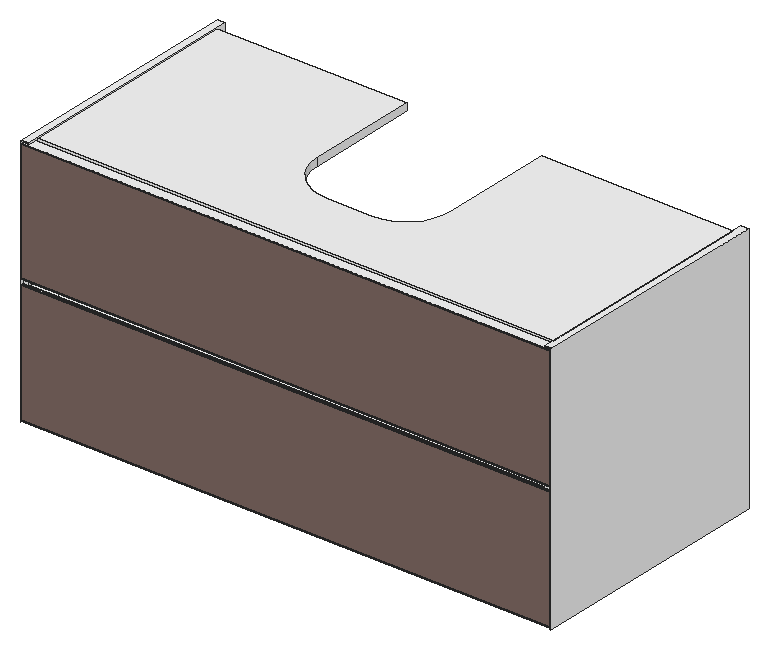
Revit family "vanity unit-hansgrohe-54193XXX-Xevolos E Vanity unit Matt White 1180_550 with 2 drawers for consoles with countertop basin ground", category Furniture, Revit 2019
Family settings
  OmniClass Number = 23.40.00.00
  OmniClass Title = Equipment and Furnishings
  Work Plane-Based = No
  Always vertical = Yes
  Cut with Voids When Loaded = No
  Shared = Yes
  Room Calculation Point = No
Parameters (values of type "54193730-MATT_WHITE-DARK_OAK-400")
  etim7_EC011381 = "EC011381"
  WEIGHT = "55.7"
  UNSPSC = "56 | Furniture and Furnishings"
  UNIFORMATII = "E2010 | Fixed Furnishings"
  UNICLASS_2015_CODE = "40_30_78_05"
  UNICLASS2015 = "Pr_40_30_78_05 | Bathroom furniture"
  SURFACE = "DARK_OAK"
  REGION = "Worldwide"
  PRODUCTURL = "https://pro.hansgrohe.com/articledetail--54193320"
  PERMALINK = "54193XXX"
  OMNICLASS = "23-21 19 15 33 13 | Residential Bathroom Specialty Casework"
  OBJECTTYPE = "Object (single object)"
  OBERFLAECHE = "MATT_WHITE"
  NN = "Vanity unit with 2 drawers for consoles with countertop basin ground"
  NBSYN = "$ARTNR.-$OBERFLAECHE.-$SURFACE.-$LODLEVEL."
  NB = "54193730-MATT_WHITE-DARK_OAK-400"
  NAME = "Xevolos E Vanity unit Matt White 1180/550 with 2 drawers for consoles with countertop basin ground"
  Model = "54193730-MATT_WHITE-DARK_OAK-400"
  Manufacturer = "Hansgrohe"
  MIdent = "{$CADENAS_DATA/23d-libs/hansgrohe/xevolos_furniture/e_vanity_unit_2_drawers_console_countertop_basin/vanity_unit_2drawers_consoles_countertop_basin.prj},275 {VTYP=3D},{NB=54193730-MATT_WHITE-DARK_OAK-400},{LINA=54193730-MATT_WHITE-DARK_OAK-400},{NN=Vanity unit with 2 drawers for consoles with countertop basin ground},{DATE=13.03.2023 11:45:48},{GEOMDATE=12.03.2023 06:32:00},{VERSION=},{LINEID=700},{WBVAR=LODLEVEL},{WBNUMERIC=}  {NB=54193730-MATT_WHITE-DARK_OAK-400},{LINA=54193730-MATT_WHITE-DARK_OAK-400},{KT=DUMMY},{IDNR=21},{ARTNR=54193730},{BASENUMBER=54193},{MODEL=54193XXX},{OBERFLAECHE=MATT_WHITE},{SURFACE=DARK_OAK},{L=1180},{LODLEVEL=400},{LODLEVELX='400','400','200','200'},{NAME=Xevolos E Vanity unit Matt White 1180/550 with 2 drawers for consoles with countertop basin ground},{PERMALINK=54193XXX},{OBJECTTYPE=Object (single object)},{BIMOBJECT=Sanitary: Compound units},{COLLECTIONSET=Xevolos E},{COLLECTION=vanity unit},{WEIGHT=55.7},{DESCRIPTION=Xevolos E Vanity unit Matt White 1180/550 with 2 drawers for consoles with countertop basin ground},{PRODUCTURL=https://pro.hansgrohe.com/articledetail--54193320},{GTINCODE=0},{TENDERURL=0},{IFC=Furnishing element},{ETIM=EC011381 | Bathroom furniture set},{UNICLASS2015=Pr_40_30_78_05 | Bathroom furniture},{OMNICLASS=23-21 19 15 33 13 | Residential Bathroom Specialty Casework},{MASTERFORMAT=12 35 30.23 | Bathroom Casework},{UNSPSC=56 | Furniture and Furnishings},{UNIFORMATII=E2010 | Fixed Furnishings},{REGION=Worldwide},{DESIGN=Germany},{MANUFACTURER=Germany}"
  MASTERFORMAT = "12 35 30.23 | Bathroom Casework"
  LODLEVEL = "400"
  LINA = "54193730-MATT_WHITE-DARK_OAK-400"
  L = 1180
  IFC = "Furnishing element"
  IDNR = 21
  ETIM = "EC011381 | Bathroom furniture set"
  DESIGN = "Germany"
  COLLECTIONSET = "Xevolos E"
  COLLECTION = "vanity unit"
  CATALOG = "Hansgrohe"
  BIMOBJECT = "Sanitary: Compound units"
  BASENUMBER = "54193"
  ARTNR = "54193730"
  54193730-MATT_WHITE-DARK_OAK-400_RX0RY0RZ0TX0TY0TZ0_V = yes
  54193730-MATT_WHITE-DARK_OAK-200_RX0RY0RZ0TX0TY0TZ0_V = no
  54193390-MATT_WHITE-PATTEREND_BRONZE-400_RX0RY0RZ0TX0TY0TZ0_V = no
  54193390-MATT_WHITE-PATTEREND_BRONZE-200_RX0RY0RZ0TX0TY0TZ0_V = no
  54193320-MATT_WHITE-METALLIC_WHITE-400_RX0RY0RZ0TX0TY0TZ0_V = no
  54193320-MATT_WHITE-METALLIC_WHITE-200_RX0RY0RZ0TX0TY0TZ0_V = no
Types (6, lengths in mm): name | SURFACE | NB | Model | MIdent | LODLEVEL | LINA | IDNR | ARTNR | 54193730-MATT_WHITE-DARK_OAK-400_RX0RY0RZ0TX0TY0TZ0_V | 54193730-MATT_WHITE-DARK_OAK-200_RX0RY0RZ0TX0TY0TZ0_V | 54193390-MATT_WHITE-PATTEREND_BRONZE-400_RX0RY0RZ0TX0TY0TZ0_V | 54193390-MATT_WHITE-PATTEREND_BRONZE-200_RX0RY0RZ0TX0TY0TZ0_V | 54193320-MATT_WHITE-METALLIC_WHITE-400_RX0RY0RZ0TX0TY0TZ0_V | 54193320-MATT_WHITE-METALLIC_WHITE-200_RX0RY0RZ0TX0TY0TZ0_V
  54193320-MATT_WHITE-METALLIC_WHITE-200 | "METALLIC_WHITE" | "54193320-MATT_WHITE-METALLIC_WHITE-200" | "54193320-MATT_WHITE-METALLIC_WHITE-200" | "{$CADENAS_DATA/23d-libs/hansgrohe/xevolos_furniture/e_vanity_unit_2_drawers_console_countertop_basin/vanity_unit_2drawers_consoles_countertop_basin.prj},287 {VTYP=3D},{NB=54193320-MATT_WHITE-METALLIC_WHITE-200},{LINA=54193320-MATT_WHITE-METALLIC_WHITE-200},{NN=Vanity unit with 2 drawers for consoles with countertop basin ground},{DATE=13.03.2023 11:45:48},{GEOMDATE=12.03.2023 06:32:00},{VERSION=},{LINEID=680},{WBVAR=LODLEVEL},{WBNUMERIC=}  {NB=54193320-MATT_WHITE-METALLIC_WHITE-200},{LINA=54193320-MATT_WHITE-METALLIC_WHITE-200},{KT=DUMMY},{IDNR=19},{ARTNR=54193320},{BASENUMBER=54193},{MODEL=54193XXX},{OBERFLAECHE=MATT_WHITE},{SURFACE=METALLIC_WHITE},{L=1180},{LODLEVEL=200},{LODLEVELX='400','400','200','200'},{NAME=Xevolos E Vanity unit Matt White 1180/550 with 2 drawers for consoles with countertop basin ground},{PERMALINK=54193XXX},{OBJECTTYPE=Object (single object)},{BIMOBJECT=Sanitary: Compound units},{COLLECTIONSET=Xevolos E},{COLLECTION=vanity unit},{WEIGHT=55.7},{DESCRIPTION=Xevolos E Vanity unit Matt White 1180/550 with 2 drawers for consoles with countertop basin ground},{PRODUCTURL=https://pro.hansgrohe.com/articledetail--54193320},{GTINCODE=0},{TENDERURL=0},{IFC=Furnishing element},{ETIM=EC011381 | Bathroom furniture set},{UNICLASS2015=Pr_40_30_78_05 | Bathroom furniture},{OMNICLASS=23-21 19 15 33 13 | Residential Bathroom Specialty Casework},{MASTERFORMAT=12 35 30.23 | Bathroom Casework},{UNSPSC=56 | Furniture and Furnishings},{UNIFORMATII=E2010 | Fixed Furnishings},{REGION=Worldwide},{DESIGN=Germany},{MANUFACTURER=Germany}" | "200" | "54193320-MATT_WHITE-METALLIC_WHITE-200" | 19 | "54193320" | no | no | no | no | no | yes
  54193320-MATT_WHITE-METALLIC_WHITE-400 | "METALLIC_WHITE" | "54193320-MATT_WHITE-METALLIC_WHITE-400" | "54193320-MATT_WHITE-METALLIC_WHITE-400" | "{$CADENAS_DATA/23d-libs/hansgrohe/xevolos_furniture/e_vanity_unit_2_drawers_console_countertop_basin/vanity_unit_2drawers_consoles_countertop_basin.prj},287 {VTYP=3D},{NB=54193320-MATT_WHITE-METALLIC_WHITE-400},{LINA=54193320-MATT_WHITE-METALLIC_WHITE-400},{NN=Vanity unit with 2 drawers for consoles with countertop basin ground},{DATE=13.03.2023 11:45:48},{GEOMDATE=12.03.2023 06:32:00},{VERSION=},{LINEID=680},{WBVAR=LODLEVEL},{WBNUMERIC=}  {NB=54193320-MATT_WHITE-METALLIC_WHITE-400},{LINA=54193320-MATT_WHITE-METALLIC_WHITE-400},{KT=DUMMY},{IDNR=19},{ARTNR=54193320},{BASENUMBER=54193},{MODEL=54193XXX},{OBERFLAECHE=MATT_WHITE},{SURFACE=METALLIC_WHITE},{L=1180},{LODLEVEL=400},{LODLEVELX='400','400','200','200'},{NAME=Xevolos E Vanity unit Matt White 1180/550 with 2 drawers for consoles with countertop basin ground},{PERMALINK=54193XXX},{OBJECTTYPE=Object (single object)},{BIMOBJECT=Sanitary: Compound units},{COLLECTIONSET=Xevolos E},{COLLECTION=vanity unit},{WEIGHT=55.7},{DESCRIPTION=Xevolos E Vanity unit Matt White 1180/550 with 2 drawers for consoles with countertop basin ground},{PRODUCTURL=https://pro.hansgrohe.com/articledetail--54193320},{GTINCODE=0},{TENDERURL=0},{IFC=Furnishing element},{ETIM=EC011381 | Bathroom furniture set},{UNICLASS2015=Pr_40_30_78_05 | Bathroom furniture},{OMNICLASS=23-21 19 15 33 13 | Residential Bathroom Specialty Casework},{MASTERFORMAT=12 35 30.23 | Bathroom Casework},{UNSPSC=56 | Furniture and Furnishings},{UNIFORMATII=E2010 | Fixed Furnishings},{REGION=Worldwide},{DESIGN=Germany},{MANUFACTURER=Germany}" | "400" | "54193320-MATT_WHITE-METALLIC_WHITE-400" | 19 | "54193320" | no | no | no | no | yes | no
  54193390-MATT_WHITE-PATTEREND_BRONZE-200 | "PATTEREND_BRONZE" | "54193390-MATT_WHITE-PATTEREND_BRONZE-200" | "54193390-MATT_WHITE-PATTEREND_BRONZE-200" | "{$CADENAS_DATA/23d-libs/hansgrohe/xevolos_furniture/e_vanity_unit_2_drawers_console_countertop_basin/vanity_unit_2drawers_consoles_countertop_basin.prj},291 {VTYP=3D},{NB=54193390-MATT_WHITE-PATTEREND_BRONZE-200},{LINA=54193390-MATT_WHITE-PATTEREND_BRONZE-200},{NN=Vanity unit with 2 drawers for consoles with countertop basin ground},{DATE=13.03.2023 11:45:48},{GEOMDATE=12.03.2023 06:32:00},{VERSION=},{LINEID=690},{WBVAR=LODLEVEL},{WBNUMERIC=}  {NB=54193390-MATT_WHITE-PATTEREND_BRONZE-200},{LINA=54193390-MATT_WHITE-PATTEREND_BRONZE-200},{KT=DUMMY},{IDNR=20},{ARTNR=54193390},{BASENUMBER=54193},{MODEL=54193XXX},{OBERFLAECHE=MATT_WHITE},{SURFACE=PATTEREND_BRONZE},{L=1180},{LODLEVEL=200},{LODLEVELX='400','400','200','200'},{NAME=Xevolos E Vanity unit Matt White 1180/550 with 2 drawers for consoles with countertop basin ground},{PERMALINK=54193XXX},{OBJECTTYPE=Object (single object)},{BIMOBJECT=Sanitary: Compound units},{COLLECTIONSET=Xevolos E},{COLLECTION=vanity unit},{WEIGHT=55.7},{DESCRIPTION=Xevolos E Vanity unit Matt White 1180/550 with 2 drawers for consoles with countertop basin ground},{PRODUCTURL=https://pro.hansgrohe.com/articledetail--54193320},{GTINCODE=0},{TENDERURL=0},{IFC=Furnishing element},{ETIM=EC011381 | Bathroom furniture set},{UNICLASS2015=Pr_40_30_78_05 | Bathroom furniture},{OMNICLASS=23-21 19 15 33 13 | Residential Bathroom Specialty Casework},{MASTERFORMAT=12 35 30.23 | Bathroom Casework},{UNSPSC=56 | Furniture and Furnishings},{UNIFORMATII=E2010 | Fixed Furnishings},{REGION=Worldwide},{DESIGN=Germany},{MANUFACTURER=Germany}" | "200" | "54193390-MATT_WHITE-PATTEREND_BRONZE-200" | 20 | "54193390" | no | no | no | yes | no | no
  54193390-MATT_WHITE-PATTEREND_BRONZE-400 | "PATTEREND_BRONZE" | "54193390-MATT_WHITE-PATTEREND_BRONZE-400" | "54193390-MATT_WHITE-PATTEREND_BRONZE-400" | "{$CADENAS_DATA/23d-libs/hansgrohe/xevolos_furniture/e_vanity_unit_2_drawers_console_countertop_basin/vanity_unit_2drawers_consoles_countertop_basin.prj},291 {VTYP=3D},{NB=54193390-MATT_WHITE-PATTEREND_BRONZE-400},{LINA=54193390-MATT_WHITE-PATTEREND_BRONZE-400},{NN=Vanity unit with 2 drawers for consoles with countertop basin ground},{DATE=13.03.2023 11:45:48},{GEOMDATE=12.03.2023 06:32:00},{VERSION=},{LINEID=690},{WBVAR=LODLEVEL},{WBNUMERIC=}  {NB=54193390-MATT_WHITE-PATTEREND_BRONZE-400},{LINA=54193390-MATT_WHITE-PATTEREND_BRONZE-400},{KT=DUMMY},{IDNR=20},{ARTNR=54193390},{BASENUMBER=54193},{MODEL=54193XXX},{OBERFLAECHE=MATT_WHITE},{SURFACE=PATTEREND_BRONZE},{L=1180},{LODLEVEL=400},{LODLEVELX='400','400','200','200'},{NAME=Xevolos E Vanity unit Matt White 1180/550 with 2 drawers for consoles with countertop basin ground},{PERMALINK=54193XXX},{OBJECTTYPE=Object (single object)},{BIMOBJECT=Sanitary: Compound units},{COLLECTIONSET=Xevolos E},{COLLECTION=vanity unit},{WEIGHT=55.7},{DESCRIPTION=Xevolos E Vanity unit Matt White 1180/550 with 2 drawers for consoles with countertop basin ground},{PRODUCTURL=https://pro.hansgrohe.com/articledetail--54193320},{GTINCODE=0},{TENDERURL=0},{IFC=Furnishing element},{ETIM=EC011381 | Bathroom furniture set},{UNICLASS2015=Pr_40_30_78_05 | Bathroom furniture},{OMNICLASS=23-21 19 15 33 13 | Residential Bathroom Specialty Casework},{MASTERFORMAT=12 35 30.23 | Bathroom Casework},{UNSPSC=56 | Furniture and Furnishings},{UNIFORMATII=E2010 | Fixed Furnishings},{REGION=Worldwide},{DESIGN=Germany},{MANUFACTURER=Germany}" | "400" | "54193390-MATT_WHITE-PATTEREND_BRONZE-400" | 20 | "54193390" | no | no | yes | no | no | no
  54193730-MATT_WHITE-DARK_OAK-200 | "DARK_OAK" | "54193730-MATT_WHITE-DARK_OAK-200" | "54193730-MATT_WHITE-DARK_OAK-200" | "{$CADENAS_DATA/23d-libs/hansgrohe/xevolos_furniture/e_vanity_unit_2_drawers_console_countertop_basin/vanity_unit_2drawers_consoles_countertop_basin.prj},275 {VTYP=3D},{NB=54193730-MATT_WHITE-DARK_OAK-200},{LINA=54193730-MATT_WHITE-DARK_OAK-200},{NN=Vanity unit with 2 drawers for consoles with countertop basin ground},{DATE=13.03.2023 11:45:48},{GEOMDATE=12.03.2023 06:32:00},{VERSION=},{LINEID=700},{WBVAR=LODLEVEL},{WBNUMERIC=}  {NB=54193730-MATT_WHITE-DARK_OAK-200},{LINA=54193730-MATT_WHITE-DARK_OAK-200},{KT=DUMMY},{IDNR=21},{ARTNR=54193730},{BASENUMBER=54193},{MODEL=54193XXX},{OBERFLAECHE=MATT_WHITE},{SURFACE=DARK_OAK},{L=1180},{LODLEVEL=200},{LODLEVELX='400','400','200','200'},{NAME=Xevolos E Vanity unit Matt White 1180/550 with 2 drawers for consoles with countertop basin ground},{PERMALINK=54193XXX},{OBJECTTYPE=Object (single object)},{BIMOBJECT=Sanitary: Compound units},{COLLECTIONSET=Xevolos E},{COLLECTION=vanity unit},{WEIGHT=55.7},{DESCRIPTION=Xevolos E Vanity unit Matt White 1180/550 with 2 drawers for consoles with countertop basin ground},{PRODUCTURL=https://pro.hansgrohe.com/articledetail--54193320},{GTINCODE=0},{TENDERURL=0},{IFC=Furnishing element},{ETIM=EC011381 | Bathroom furniture set},{UNICLASS2015=Pr_40_30_78_05 | Bathroom furniture},{OMNICLASS=23-21 19 15 33 13 | Residential Bathroom Specialty Casework},{MASTERFORMAT=12 35 30.23 | Bathroom Casework},{UNSPSC=56 | Furniture and Furnishings},{UNIFORMATII=E2010 | Fixed Furnishings},{REGION=Worldwide},{DESIGN=Germany},{MANUFACTURER=Germany}" | "200" | "54193730-MATT_WHITE-DARK_OAK-200" | 21 | "54193730" | no | yes | no | no | no | no
  54193730-MATT_WHITE-DARK_OAK-400 | "DARK_OAK" | "54193730-MATT_WHITE-DARK_OAK-400" | "54193730-MATT_WHITE-DARK_OAK-400" | "{$CADENAS_DATA/23d-libs/hansgrohe/xevolos_furniture/e_vanity_unit_2_drawers_console_countertop_basin/vanity_unit_2drawers_consoles_countertop_basin.prj},275 {VTYP=3D},{NB=54193730-MATT_WHITE-DARK_OAK-400},{LINA=54193730-MATT_WHITE-DARK_OAK-400},{NN=Vanity unit with 2 drawers for consoles with countertop basin ground},{DATE=13.03.2023 11:45:48},{GEOMDATE=12.03.2023 06:32:00},{VERSION=},{LINEID=700},{WBVAR=LODLEVEL},{WBNUMERIC=}  {NB=54193730-MATT_WHITE-DARK_OAK-400},{LINA=54193730-MATT_WHITE-DARK_OAK-400},{KT=DUMMY},{IDNR=21},{ARTNR=54193730},{BASENUMBER=54193},{MODEL=54193XXX},{OBERFLAECHE=MATT_WHITE},{SURFACE=DARK_OAK},{L=1180},{LODLEVEL=400},{LODLEVELX='400','400','200','200'},{NAME=Xevolos E Vanity unit Matt White 1180/550 with 2 drawers for consoles with countertop basin ground},{PERMALINK=54193XXX},{OBJECTTYPE=Object (single object)},{BIMOBJECT=Sanitary: Compound units},{COLLECTIONSET=Xevolos E},{COLLECTION=vanity unit},{WEIGHT=55.7},{DESCRIPTION=Xevolos E Vanity unit Matt White 1180/550 with 2 drawers for consoles with countertop basin ground},{PRODUCTURL=https://pro.hansgrohe.com/articledetail--54193320},{GTINCODE=0},{TENDERURL=0},{IFC=Furnishing element},{ETIM=EC011381 | Bathroom furniture set},{UNICLASS2015=Pr_40_30_78_05 | Bathroom furniture},{OMNICLASS=23-21 19 15 33 13 | Residential Bathroom Specialty Casework},{MASTERFORMAT=12 35 30.23 | Bathroom Casework},{UNSPSC=56 | Furniture and Furnishings},{UNIFORMATII=E2010 | Fixed Furnishings},{REGION=Worldwide},{DESIGN=Germany},{MANUFACTURER=Germany}" | "400" | "54193730-MATT_WHITE-DARK_OAK-400" | 21 | "54193730" | yes | no | no | no | no | no
Reference planes
  plane 1 "Center (Front/Back)": y = 0
  plane 2: z = 0
  plane 3 "Center (Left/Right)": x = 0
Dimensions and locks
  aligned and locked: level to plane 2
Nested families
  nested 1: "54193320-matt_white-metallic_white-200_content" at (0, 0, 0), visible <- "54193320-MATT_WHITE-METALLIC_WHITE-200_RX0RY0RZ0TX0TY0TZ0_V", ContentVisible <- "54193320-MATT_WHITE-METALLIC_WHITE-200_RX0RY0RZ0TX0TY0TZ0_V", type "54193320-MATT_WHITE-METALLIC_WHITE-200_Content"
    with ContentVisible no
  nested 2: "54193320-matt_white-metallic_white-400_content" at (0, 0, 0), visible <- "54193320-MATT_WHITE-METALLIC_WHITE-400_RX0RY0RZ0TX0TY0TZ0_V", ContentVisible <- "54193320-MATT_WHITE-METALLIC_WHITE-400_RX0RY0RZ0TX0TY0TZ0_V", type "54193320-MATT_WHITE-METALLIC_WHITE-400_Content"
    with ContentVisible no
  nested 3: "54193390-matt_white-patterend_bronze-200_content" at (0, 0, 0), visible <- "54193390-MATT_WHITE-PATTEREND_BRONZE-200_RX0RY0RZ0TX0TY0TZ0_V", ContentVisible <- "54193390-MATT_WHITE-PATTEREND_BRONZE-200_RX0RY0RZ0TX0TY0TZ0_V", type "54193390-MATT_WHITE-PATTEREND_BRONZE-200_Content"
    with ContentVisible no
  nested 4: "54193390-matt_white-patterend_bronze-400_content" at (0, 0, 0), visible <- "54193390-MATT_WHITE-PATTEREND_BRONZE-400_RX0RY0RZ0TX0TY0TZ0_V", ContentVisible <- "54193390-MATT_WHITE-PATTEREND_BRONZE-400_RX0RY0RZ0TX0TY0TZ0_V", type "54193390-MATT_WHITE-PATTEREND_BRONZE-400_Content"
    with ContentVisible no
  nested 5: "54193730-matt_white-dark_oak-200_content" at (0, 0, 0), visible <- "54193730-MATT_WHITE-DARK_OAK-200_RX0RY0RZ0TX0TY0TZ0_V", ContentVisible <- "54193730-MATT_WHITE-DARK_OAK-200_RX0RY0RZ0TX0TY0TZ0_V", type "54193730-MATT_WHITE-DARK_OAK-200_Content"
    with ContentVisible no
  nested 6: "54193730-matt_white-dark_oak-400_content" at (0, 0, 0), visible <- "54193730-MATT_WHITE-DARK_OAK-400_RX0RY0RZ0TX0TY0TZ0_V", ContentVisible <- "54193730-MATT_WHITE-DARK_OAK-400_RX0RY0RZ0TX0TY0TZ0_V", type "54193730-MATT_WHITE-DARK_OAK-400_Content"
    with ContentVisible yes
Definition of nested family "54193730-matt_white-dark_oak-400_content"
  Parameters (values of type "54193730-MATT_WHITE-DARK_OAK-400_Content")
    etim7_EC011381 = "EC011381"
    WEIGHT = "55.7"
    UNSPSC = "56 | Furniture and Furnishings"
    UNIFORMATII = "E2010 | Fixed Furnishings"
    UNICLASS_2015_CODE = "40_30_78_05"
    UNICLASS2015 = "Pr_40_30_78_05 | Bathroom furniture"
    SURFACE = "DARK_OAK"
    REGION = "Worldwide"
    PRODUCTURL = "https://pro.hansgrohe.com/articledetail--54193320"
    PERMALINK = "54193XXX"
    OMNICLASS = "23-21 19 15 33 13 | Residential Bathroom Specialty Casework"
    OBJECTTYPE = "Object (single object)"
    OBERFLAECHE = "MATT_WHITE"
    NN = "Vanity unit with 2 drawers for consoles with countertop basin ground"
    NBSYN = "$ARTNR.-$OBERFLAECHE.-$SURFACE.-$LODLEVEL."
    NB = "54193730-MATT_WHITE-DARK_OAK-400"
    NAME = "Xevolos E Vanity unit Matt White 1180/550 with 2 drawers for consoles with countertop basin ground"
    Model = "54193730-MATT_WHITE-DARK_OAK-400"
    Manufacturer = "Hansgrohe"
    MASTERFORMAT = "12 35 30.23 | Bathroom Casework"
    LODLEVEL = "400"
    LINA = "54193730-MATT_WHITE-DARK_OAK-400"
    L = 1180
    IFC = "Furnishing element"
    IDNR = 21
    ETIM = "EC011381 | Bathroom furniture set"
    Default Elevation = 1219.2 mm
    DESIGN = "Germany"
    ContentVisible [instance] = yes
    COLLECTIONSET = "Xevolos E"
    COLLECTION = "vanity unit"
    CATALOG = "Hansgrohe"
    BIMOBJECT = "Sanitary: Compound units"
    BASENUMBER = "54193"
    ARTNR = "54193730"
  Reference planes
    plane 1 "Center (Front/Back)": y = 0
    plane 2: z = 0
    plane 3 "Center (Left/Right)": x = 0
  Forms (mm)
    Extrusion 1, solid, visible <- "ContentVisible", detail levels medium+fine
      sketch origin (0, 0, 0) x (1, 0, 0) y (0, 1, 0)
        loop
          line (-590, 0) -> (-590, -548.3) -> (-588, -548.3) -> (-588, -544.3) -> (-574, -544.3) -> (-574, 0) -> (-590, 0)
      from 0 to 558
    Extrusion 2, solid, visible <- "ContentVisible", detail levels medium+fine
      sketch origin (0, 0, 0) x (1, 0, 0) y (0, 1, 0)
        loop
          line (-574, -131.5) -> (-574, -498) -> (574, -498) -> (574, -131.5) -> (-574, -131.5)
      from 0 to 16
    Extrusion 3, solid, visible <- "ContentVisible", detail levels medium+fine
      sketch origin (0, 0, 0) x (1, 0, 0) y (0, 1, 0)
        loop
          line (574, 0) -> (574, -544.3) -> (588, -544.3) -> (588, -548.3) -> (590, -548.3) -> (590, 0) -> (574, 0)
      from 0 to 558
    Extrusion 4, solid, visible <- "ContentVisible", detail levels medium+fine
      sketch origin (0, 0, 0.5) x (1, 0, 0) y (0, 1, 0)
        loop
          line (-574, -115.5) -> (-574, -131.5) -> (574, -131.5) -> (574, -115.5) -> (-574, -115.5)
      from 0 to 126
    Extrusion 5, solid, visible <- "ContentVisible", detail levels medium+fine
      sketch origin (0, 0, 2) x (1, 0, 0) y (0, 1, 0)
        loop
          line (-588, -527) -> (-588, -548.3) -> (588, -548.3) -> (588, -527) -> (-588, -527)
      from 0 to 2
    Extrusion 6, solid, visible <- "ContentVisible", detail levels medium+fine
      sketch origin (0, 0, 556) x (1, 0, 0) y (0, 1, 0)
        loop
          line (-588, -527) -> (-588, -548.3) -> (588, -548.3) -> (588, -527) -> (-588, -527)
      from -2 to 0
    Extrusion 7, solid, visible <- "ContentVisible", detail levels medium+fine
      sketch origin (0, -544.3, 0) x (1, 0, 0) y (0, 0, -1)
        loop
          line (-588, -272.5) -> (588, -272.5) -> (588, -4) -> (-588, -4) -> (-588, -272.5)
      from -4 to 0
    Extrusion 8, solid, visible <- "ContentVisible", detail levels medium+fine
      sketch origin (0, -544.3, 0) x (1, 0, 0) y (0, 0, -1)
        loop
          line (-588, -554) -> (588, -554) -> (588, -285.5) -> (-588, -285.5) -> (-588, -554)
      from -4 to 0
    Extrusion 9, solid, visible <- "ContentVisible", detail levels medium+fine
      sketch origin (0, 0, 272.5) x (1, 0, 0) y (0, 1, 0)
        loop
          line (-588, -527) -> (-588, -548.3) -> (588, -548.3) -> (588, -527) -> (-588, -527)
      from 0 to 2
    Extrusion 10, solid, visible <- "ContentVisible", detail levels medium+fine
      sketch origin (0, 0, 285.5) x (1, 0, 0) y (0, 1, 0)
        loop
          line (-588, -527) -> (-588, -548.3) -> (588, -548.3) -> (588, -527) -> (-588, -527)
      from -2 to 0
    Extrusion 11, solid, visible <- "ContentVisible", detail levels medium+fine
      sketch origin (0, -544.3, 0) x (1, 0, 0) y (0, 0, -1)
        loop
          line (-588, -274.5) -> (588, -274.5) -> (588, -4.5) -> (-588, -4.5) -> (-588, -274.5)
        loop
          line (-514, -78) -> (-514, -272.5) -> (514, -272.5) -> (514, -78) -> (-514, -78)
      from 0 to 17
    Extrusion 12, solid, visible <- "ContentVisible", detail levels medium+fine
      sketch origin (0, -544.3, 0) x (1, 0, 0) y (0, 0, -1)
        loop
          line (-588, -553.5) -> (-512, -553.5) -> (-512, -361.5) -> (512, -361.5) -> (512, -553.5) -> (588, -553.5) -> (588, -285.5) -> (-588, -285.5) -> (-588, -553.5)
      from 0 to 17
    Extrusion 13, solid, visible <- "ContentVisible", detail levels medium+fine
      sketch origin (0, 0, 0) x (0, 0, -1) y (0, 1, 0)
        loop
          line (-285, -395.5) -> (-285, -520) -> (-269, -520) -> (-269, -395.5) -> (-285, -395.5)
      from -574 to 574
    Extrusion 14, solid, visible <- "ContentVisible", detail levels medium+fine
      sketch origin (0, 0, 557.5) x (1, 0, 0) y (0, 1, 0)
        loop
          line (-574, -521.5) -> (574, -521.5) -> (574, -23) -> (150, -23) -> (150, -273)
          arc (150, -273) -> (120.711, -343.711) -> (50, -373) r 100
          line (50, -373) -> (-50, -373)
          arc (-50, -373) -> (-120.711, -343.711) -> (-150, -273) r 100
          line (-150, -273) -> (-150, -23) -> (-574, -23) -> (-574, -521.5)
      from -16 to 0
    Extrusion 15, solid, visible <- "ContentVisible", detail levels coarse
      sketch origin (0, -274.15, 0) x (1, 0, 0) y (0, 1, 0)
        loop
          line (-590, -274.15) -> (590, -274.15) -> (590, 274.15) -> (-590, 274.15) -> (-590, -274.15)
      from 0 to 558
  Dimensions and locks
    aligned and locked: level to plane 2
Definition of nested family "54193320-matt_white-metallic_white-200_content"
  Parameters (values of type "54193320-MATT_WHITE-METALLIC_WHITE-200_Content")
    etim7_EC011381 = "EC011381"
    WEIGHT = "55.7"
    UNSPSC = "56 | Furniture and Furnishings"
    UNIFORMATII = "E2010 | Fixed Furnishings"
    UNICLASS_2015_CODE = "40_30_78_05"
    UNICLASS2015 = "Pr_40_30_78_05 | Bathroom furniture"
    SURFACE = "METALLIC_WHITE"
    REGION = "Worldwide"
    PRODUCTURL = "https://pro.hansgrohe.com/articledetail--54193320"
    PERMALINK = "54193XXX"
    OMNICLASS = "23-21 19 15 33 13 | Residential Bathroom Specialty Casework"
    OBJECTTYPE = "Object (single object)"
    OBERFLAECHE = "MATT_WHITE"
    NN = "Vanity unit with 2 drawers for consoles with countertop basin ground"
    NBSYN = "$ARTNR.-$OBERFLAECHE.-$SURFACE.-$LODLEVEL."
    NB = "54193320-MATT_WHITE-METALLIC_WHITE-200"
    NAME = "Xevolos E Vanity unit Matt White 1180/550 with 2 drawers for consoles with countertop basin ground"
    Model = "54193320-MATT_WHITE-METALLIC_WHITE-200"
    Manufacturer = "Hansgrohe"
    MASTERFORMAT = "12 35 30.23 | Bathroom Casework"
    LODLEVEL = "200"
    LINA = "54193320-MATT_WHITE-METALLIC_WHITE-200"
    L = 1180
    IFC = "Furnishing element"
    IDNR = 19
    ETIM = "EC011381 | Bathroom furniture set"
    Default Elevation = 1219.2 mm
    DESIGN = "Germany"
    ContentVisible [instance] = yes
    COLLECTIONSET = "Xevolos E"
    COLLECTION = "vanity unit"
    CATALOG = "Hansgrohe"
    BIMOBJECT = "Sanitary: Compound units"
    BASENUMBER = "54193"
    ARTNR = "54193320"
  Reference planes
    plane 1 "Center (Front/Back)": y = 0
    plane 2: z = 0
    plane 3 "Center (Left/Right)": x = 0
  Forms (mm)
    Extrusion 1, solid, visible <- "ContentVisible", detail levels medium+fine
      sketch origin (0, 0, 0) x (1, 0, 0) y (0, 1, 0)
        loop
          line (-590, 0) -> (-590, -544.3) -> (590, -544.3) -> (590, 0) -> (-590, 0)
      from 0 to 558
    Extrusion 2, solid, visible <- "ContentVisible", detail levels medium+fine
      sketch origin (0, -544.3, 0) x (1, 0, 0) y (0, 0, -1)
        loop
          line (-590, -278) -> (-588, -278) -> (-588, -4) -> (588, -4) -> (588, -278) -> (590, -278) -> (590, -2) -> (-590, -2) -> (-590, -278)
      from -4 to 0
    Extrusion 3, solid, visible <- "ContentVisible", detail levels medium+fine
      sketch origin (0, -544.3, 0) x (1, 0, 0) y (0, 0, -1)
        loop
          line (-590, -278) -> (-590, -554) -> (590, -554) -> (590, -278) -> (588, -278) -> (588, -552) -> (-588, -552) -> (-588, -278) -> (-590, -278)
      from -4 to 0
    Extrusion 4, solid, visible <- "ContentVisible", detail levels medium+fine
      sketch origin (0, -544.3, 0) x (1, 0, 0) y (0, 0, -1)
        loop
          line (-588, -272.5) -> (588, -272.5) -> (588, -4) -> (-588, -4) -> (-588, -272.5)
      from -4 to 0
    Extrusion 5, solid, visible <- "ContentVisible", detail levels medium+fine
      sketch origin (0, -544.3, 0) x (1, 0, 0) y (0, 0, -1)
        loop
          line (-588, -554) -> (588, -554) -> (588, -285.5) -> (-588, -285.5) -> (-588, -554)
      from -4 to 0
    Extrusion 6, solid, visible <- "ContentVisible", detail levels medium+fine
      sketch origin (0, 0, 272.5) x (1, 0, 0) y (0, 1, 0)
        loop
          line (-588, -527) -> (-588, -548.3) -> (588, -548.3) -> (588, -527) -> (-588, -527)
      from 0 to 2
    Extrusion 7, solid, visible <- "ContentVisible", detail levels medium+fine
      sketch origin (0, 0, 285.5) x (1, 0, 0) y (0, 1, 0)
        loop
          line (-588, -527) -> (-588, -548.3) -> (588, -548.3) -> (588, -527) -> (-588, -527)
      from -2 to 0
    Extrusion 8, solid, visible <- "ContentVisible", detail levels coarse
      sketch origin (0, -274.15, 0) x (1, 0, 0) y (0, 1, 0)
        loop
          line (-590, -274.15) -> (590, -274.15) -> (590, 274.15) -> (-590, 274.15) -> (-590, -274.15)
      from 0 to 558
  Dimensions and locks
    aligned and locked: level to plane 2
Definition of nested family "54193320-matt_white-metallic_white-400_content"
  Parameters (values of type "54193320-MATT_WHITE-METALLIC_WHITE-400_Content")
    etim7_EC011381 = "EC011381"
    WEIGHT = "55.7"
    UNSPSC = "56 | Furniture and Furnishings"
    UNIFORMATII = "E2010 | Fixed Furnishings"
    UNICLASS_2015_CODE = "40_30_78_05"
    UNICLASS2015 = "Pr_40_30_78_05 | Bathroom furniture"
    SURFACE = "METALLIC_WHITE"
    REGION = "Worldwide"
    PRODUCTURL = "https://pro.hansgrohe.com/articledetail--54193320"
    PERMALINK = "54193XXX"
    OMNICLASS = "23-21 19 15 33 13 | Residential Bathroom Specialty Casework"
    OBJECTTYPE = "Object (single object)"
    OBERFLAECHE = "MATT_WHITE"
    NN = "Vanity unit with 2 drawers for consoles with countertop basin ground"
    NBSYN = "$ARTNR.-$OBERFLAECHE.-$SURFACE.-$LODLEVEL."
    NB = "54193320-MATT_WHITE-METALLIC_WHITE-400"
    NAME = "Xevolos E Vanity unit Matt White 1180/550 with 2 drawers for consoles with countertop basin ground"
    Model = "54193320-MATT_WHITE-METALLIC_WHITE-400"
    Manufacturer = "Hansgrohe"
    MASTERFORMAT = "12 35 30.23 | Bathroom Casework"
    LODLEVEL = "400"
    LINA = "54193320-MATT_WHITE-METALLIC_WHITE-400"
    L = 1180
    IFC = "Furnishing element"
    IDNR = 19
    ETIM = "EC011381 | Bathroom furniture set"
    Default Elevation = 1219.2 mm
    DESIGN = "Germany"
    ContentVisible [instance] = yes
    COLLECTIONSET = "Xevolos E"
    COLLECTION = "vanity unit"
    CATALOG = "Hansgrohe"
    BIMOBJECT = "Sanitary: Compound units"
    BASENUMBER = "54193"
    ARTNR = "54193320"
  Reference planes
    plane 1 "Center (Front/Back)": y = 0
    plane 2: z = 0
    plane 3 "Center (Left/Right)": x = 0
  Forms (mm)
    Extrusion 1, solid, visible <- "ContentVisible", detail levels medium+fine
      sketch origin (0, 0, 0) x (1, 0, 0) y (0, 1, 0)
        loop
          line (-590, 0) -> (-590, -548.3) -> (-588, -548.3) -> (-588, -544.3) -> (-574, -544.3) -> (-574, 0) -> (-590, 0)
      from 0 to 558
    Extrusion 2, solid, visible <- "ContentVisible", detail levels medium+fine
      sketch origin (0, 0, 0) x (1, 0, 0) y (0, 1, 0)
        loop
          line (-574, -131.5) -> (-574, -498) -> (574, -498) -> (574, -131.5) -> (-574, -131.5)
      from 0 to 16
    Extrusion 3, solid, visible <- "ContentVisible", detail levels medium+fine
      sketch origin (0, 0, 0) x (1, 0, 0) y (0, 1, 0)
        loop
          line (574, 0) -> (574, -544.3) -> (588, -544.3) -> (588, -548.3) -> (590, -548.3) -> (590, 0) -> (574, 0)
      from 0 to 558
    Extrusion 4, solid, visible <- "ContentVisible", detail levels medium+fine
      sketch origin (0, 0, 0.5) x (1, 0, 0) y (0, 1, 0)
        loop
          line (-574, -115.5) -> (-574, -131.5) -> (574, -131.5) -> (574, -115.5) -> (-574, -115.5)
      from 0 to 126
    Extrusion 5, solid, visible <- "ContentVisible", detail levels medium+fine
      sketch origin (0, 0, 2) x (1, 0, 0) y (0, 1, 0)
        loop
          line (-588, -527) -> (-588, -548.3) -> (588, -548.3) -> (588, -527) -> (-588, -527)
      from 0 to 2
    Extrusion 6, solid, visible <- "ContentVisible", detail levels medium+fine
      sketch origin (0, 0, 556) x (1, 0, 0) y (0, 1, 0)
        loop
          line (-588, -527) -> (-588, -548.3) -> (588, -548.3) -> (588, -527) -> (-588, -527)
      from -2 to 0
    Extrusion 7, solid, visible <- "ContentVisible", detail levels medium+fine
      sketch origin (0, -544.3, 0) x (1, 0, 0) y (0, 0, -1)
        loop
          line (-588, -272.5) -> (588, -272.5) -> (588, -4) -> (-588, -4) -> (-588, -272.5)
      from -4 to 0
    Extrusion 8, solid, visible <- "ContentVisible", detail levels medium+fine
      sketch origin (0, -544.3, 0) x (1, 0, 0) y (0, 0, -1)
        loop
          line (-588, -554) -> (588, -554) -> (588, -285.5) -> (-588, -285.5) -> (-588, -554)
      from -4 to 0
    Extrusion 9, solid, visible <- "ContentVisible", detail levels medium+fine
      sketch origin (0, 0, 272.5) x (1, 0, 0) y (0, 1, 0)
        loop
          line (-588, -527) -> (-588, -548.3) -> (588, -548.3) -> (588, -527) -> (-588, -527)
      from 0 to 2
    Extrusion 10, solid, visible <- "ContentVisible", detail levels medium+fine
      sketch origin (0, 0, 285.5) x (1, 0, 0) y (0, 1, 0)
        loop
          line (-588, -527) -> (-588, -548.3) -> (588, -548.3) -> (588, -527) -> (-588, -527)
      from -2 to 0
    Extrusion 11, solid, visible <- "ContentVisible", detail levels medium+fine
      sketch origin (0, -544.3, 0) x (1, 0, 0) y (0, 0, -1)
        loop
          line (-588, -274.5) -> (588, -274.5) -> (588, -4.5) -> (-588, -4.5) -> (-588, -274.5)
        loop
          line (-514, -78) -> (-514, -272.5) -> (514, -272.5) -> (514, -78) -> (-514, -78)
      from 0 to 17
    Extrusion 12, solid, visible <- "ContentVisible", detail levels medium+fine
      sketch origin (0, -544.3, 0) x (1, 0, 0) y (0, 0, -1)
        loop
          line (-588, -553.5) -> (-512, -553.5) -> (-512, -361.5) -> (512, -361.5) -> (512, -553.5) -> (588, -553.5) -> (588, -285.5) -> (-588, -285.5) -> (-588, -553.5)
      from 0 to 17
    Extrusion 13, solid, visible <- "ContentVisible", detail levels medium+fine
      sketch origin (0, 0, 0) x (0, 0, -1) y (0, 1, 0)
        loop
          line (-285, -395.5) -> (-285, -520) -> (-269, -520) -> (-269, -395.5) -> (-285, -395.5)
      from -574 to 574
    Extrusion 14, solid, visible <- "ContentVisible", detail levels medium+fine
      sketch origin (0, 0, 557.5) x (1, 0, 0) y (0, 1, 0)
        loop
          line (-574, -521.5) -> (574, -521.5) -> (574, -23) -> (150, -23) -> (150, -273)
          arc (150, -273) -> (120.711, -343.711) -> (50, -373) r 100
          line (50, -373) -> (-50, -373)
          arc (-50, -373) -> (-120.711, -343.711) -> (-150, -273) r 100
          line (-150, -273) -> (-150, -23) -> (-574, -23) -> (-574, -521.5)
      from -16 to 0
    Extrusion 15, solid, visible <- "ContentVisible", detail levels coarse
      sketch origin (0, -274.15, 0) x (1, 0, 0) y (0, 1, 0)
        loop
          line (-590, -274.15) -> (590, -274.15) -> (590, 274.15) -> (-590, 274.15) -> (-590, -274.15)
      from 0 to 558
  Dimensions and locks
    aligned and locked: level to plane 2
Definition of nested family "54193390-matt_white-patterend_bronze-200_content"
  Parameters (values of type "54193390-MATT_WHITE-PATTEREND_BRONZE-200_Content")
    etim7_EC011381 = "EC011381"
    WEIGHT = "55.7"
    UNSPSC = "56 | Furniture and Furnishings"
    UNIFORMATII = "E2010 | Fixed Furnishings"
    UNICLASS_2015_CODE = "40_30_78_05"
    UNICLASS2015 = "Pr_40_30_78_05 | Bathroom furniture"
    SURFACE = "PATTEREND_BRONZE"
    REGION = "Worldwide"
    PRODUCTURL = "https://pro.hansgrohe.com/articledetail--54193320"
    PERMALINK = "54193XXX"
    OMNICLASS = "23-21 19 15 33 13 | Residential Bathroom Specialty Casework"
    OBJECTTYPE = "Object (single object)"
    OBERFLAECHE = "MATT_WHITE"
    NN = "Vanity unit with 2 drawers for consoles with countertop basin ground"
    NBSYN = "$ARTNR.-$OBERFLAECHE.-$SURFACE.-$LODLEVEL."
    NB = "54193390-MATT_WHITE-PATTEREND_BRONZE-200"
    NAME = "Xevolos E Vanity unit Matt White 1180/550 with 2 drawers for consoles with countertop basin ground"
    Model = "54193390-MATT_WHITE-PATTEREND_BRONZE-200"
    Manufacturer = "Hansgrohe"
    MASTERFORMAT = "12 35 30.23 | Bathroom Casework"
    LODLEVEL = "200"
    LINA = "54193390-MATT_WHITE-PATTEREND_BRONZE-200"
    L = 1180
    IFC = "Furnishing element"
    IDNR = 20
    ETIM = "EC011381 | Bathroom furniture set"
    Default Elevation = 1219.2 mm
    DESIGN = "Germany"
    ContentVisible [instance] = yes
    COLLECTIONSET = "Xevolos E"
    COLLECTION = "vanity unit"
    CATALOG = "Hansgrohe"
    BIMOBJECT = "Sanitary: Compound units"
    BASENUMBER = "54193"
    ARTNR = "54193390"
  Reference planes
    plane 1 "Center (Front/Back)": y = 0
    plane 2: z = 0
    plane 3 "Center (Left/Right)": x = 0
  Forms (mm)
    Extrusion 1, solid, visible <- "ContentVisible", detail levels medium+fine
      sketch origin (0, 0, 0) x (1, 0, 0) y (0, 1, 0)
        loop
          line (-590, 0) -> (-590, -544.3) -> (590, -544.3) -> (590, 0) -> (-590, 0)
      from 0 to 558
    Extrusion 2, solid, visible <- "ContentVisible", detail levels medium+fine
      sketch origin (0, -544.3, 0) x (1, 0, 0) y (0, 0, -1)
        loop
          line (-590, -278) -> (-588, -278) -> (-588, -4) -> (588, -4) -> (588, -278) -> (590, -278) -> (590, -2) -> (-590, -2) -> (-590, -278)
      from -4 to 0
    Extrusion 3, solid, visible <- "ContentVisible", detail levels medium+fine
      sketch origin (0, -544.3, 0) x (1, 0, 0) y (0, 0, -1)
        loop
          line (-590, -278) -> (-590, -554) -> (590, -554) -> (590, -278) -> (588, -278) -> (588, -552) -> (-588, -552) -> (-588, -278) -> (-590, -278)
      from -4 to 0
    Extrusion 4, solid, visible <- "ContentVisible", detail levels medium+fine
      sketch origin (0, -544.3, 0) x (1, 0, 0) y (0, 0, -1)
        loop
          line (-588, -272.5) -> (588, -272.5) -> (588, -4) -> (-588, -4) -> (-588, -272.5)
      from -4 to 0
    Extrusion 5, solid, visible <- "ContentVisible", detail levels medium+fine
      sketch origin (0, -544.3, 0) x (1, 0, 0) y (0, 0, -1)
        loop
          line (-588, -554) -> (588, -554) -> (588, -285.5) -> (-588, -285.5) -> (-588, -554)
      from -4 to 0
    Extrusion 6, solid, visible <- "ContentVisible", detail levels medium+fine
      sketch origin (0, 0, 272.5) x (1, 0, 0) y (0, 1, 0)
        loop
          line (-588, -527) -> (-588, -548.3) -> (588, -548.3) -> (588, -527) -> (-588, -527)
      from 0 to 2
    Extrusion 7, solid, visible <- "ContentVisible", detail levels medium+fine
      sketch origin (0, 0, 285.5) x (1, 0, 0) y (0, 1, 0)
        loop
          line (-588, -527) -> (-588, -548.3) -> (588, -548.3) -> (588, -527) -> (-588, -527)
      from -2 to 0
    Extrusion 8, solid, visible <- "ContentVisible", detail levels coarse
      sketch origin (0, -274.15, 0) x (1, 0, 0) y (0, 1, 0)
        loop
          line (-590, -274.15) -> (590, -274.15) -> (590, 274.15) -> (-590, 274.15) -> (-590, -274.15)
      from 0 to 558
  Dimensions and locks
    aligned and locked: level to plane 2
Definition of nested family "54193390-matt_white-patterend_bronze-400_content"
  Parameters (values of type "54193390-MATT_WHITE-PATTEREND_BRONZE-400_Content")
    etim7_EC011381 = "EC011381"
    WEIGHT = "55.7"
    UNSPSC = "56 | Furniture and Furnishings"
    UNIFORMATII = "E2010 | Fixed Furnishings"
    UNICLASS_2015_CODE = "40_30_78_05"
    UNICLASS2015 = "Pr_40_30_78_05 | Bathroom furniture"
    SURFACE = "PATTEREND_BRONZE"
    REGION = "Worldwide"
    PRODUCTURL = "https://pro.hansgrohe.com/articledetail--54193320"
    PERMALINK = "54193XXX"
    OMNICLASS = "23-21 19 15 33 13 | Residential Bathroom Specialty Casework"
    OBJECTTYPE = "Object (single object)"
    OBERFLAECHE = "MATT_WHITE"
    NN = "Vanity unit with 2 drawers for consoles with countertop basin ground"
    NBSYN = "$ARTNR.-$OBERFLAECHE.-$SURFACE.-$LODLEVEL."
    NB = "54193390-MATT_WHITE-PATTEREND_BRONZE-400"
    NAME = "Xevolos E Vanity unit Matt White 1180/550 with 2 drawers for consoles with countertop basin ground"
    Model = "54193390-MATT_WHITE-PATTEREND_BRONZE-400"
    Manufacturer = "Hansgrohe"
    MASTERFORMAT = "12 35 30.23 | Bathroom Casework"
    LODLEVEL = "400"
    LINA = "54193390-MATT_WHITE-PATTEREND_BRONZE-400"
    L = 1180
    IFC = "Furnishing element"
    IDNR = 20
    ETIM = "EC011381 | Bathroom furniture set"
    Default Elevation = 1219.2 mm
    DESIGN = "Germany"
    ContentVisible [instance] = yes
    COLLECTIONSET = "Xevolos E"
    COLLECTION = "vanity unit"
    CATALOG = "Hansgrohe"
    BIMOBJECT = "Sanitary: Compound units"
    BASENUMBER = "54193"
    ARTNR = "54193390"
  Reference planes
    plane 1 "Center (Front/Back)": y = 0
    plane 2: z = 0
    plane 3 "Center (Left/Right)": x = 0
  Forms (mm)
    Extrusion 1, solid, visible <- "ContentVisible", detail levels medium+fine
      sketch origin (0, 0, 0) x (1, 0, 0) y (0, 1, 0)
        loop
          line (-590, 0) -> (-590, -548.3) -> (-588, -548.3) -> (-588, -544.3) -> (-574, -544.3) -> (-574, 0) -> (-590, 0)
      from 0 to 558
    Extrusion 2, solid, visible <- "ContentVisible", detail levels medium+fine
      sketch origin (0, 0, 0) x (1, 0, 0) y (0, 1, 0)
        loop
          line (-574, -131.5) -> (-574, -498) -> (574, -498) -> (574, -131.5) -> (-574, -131.5)
      from 0 to 16
    Extrusion 3, solid, visible <- "ContentVisible", detail levels medium+fine
      sketch origin (0, 0, 0) x (1, 0, 0) y (0, 1, 0)
        loop
          line (574, 0) -> (574, -544.3) -> (588, -544.3) -> (588, -548.3) -> (590, -548.3) -> (590, 0) -> (574, 0)
      from 0 to 558
    Extrusion 4, solid, visible <- "ContentVisible", detail levels medium+fine
      sketch origin (0, 0, 0.5) x (1, 0, 0) y (0, 1, 0)
        loop
          line (-574, -115.5) -> (-574, -131.5) -> (574, -131.5) -> (574, -115.5) -> (-574, -115.5)
      from 0 to 126
    Extrusion 5, solid, visible <- "ContentVisible", detail levels medium+fine
      sketch origin (0, 0, 2) x (1, 0, 0) y (0, 1, 0)
        loop
          line (-588, -527) -> (-588, -548.3) -> (588, -548.3) -> (588, -527) -> (-588, -527)
      from 0 to 2
    Extrusion 6, solid, visible <- "ContentVisible", detail levels medium+fine
      sketch origin (0, 0, 556) x (1, 0, 0) y (0, 1, 0)
        loop
          line (-588, -527) -> (-588, -548.3) -> (588, -548.3) -> (588, -527) -> (-588, -527)
      from -2 to 0
    Extrusion 7, solid, visible <- "ContentVisible", detail levels medium+fine
      sketch origin (0, -544.3, 0) x (1, 0, 0) y (0, 0, -1)
        loop
          line (-588, -272.5) -> (588, -272.5) -> (588, -4) -> (-588, -4) -> (-588, -272.5)
      from -4 to 0
    Extrusion 8, solid, visible <- "ContentVisible", detail levels medium+fine
      sketch origin (0, -544.3, 0) x (1, 0, 0) y (0, 0, -1)
        loop
          line (-588, -554) -> (588, -554) -> (588, -285.5) -> (-588, -285.5) -> (-588, -554)
      from -4 to 0
    Extrusion 9, solid, visible <- "ContentVisible", detail levels medium+fine
      sketch origin (0, 0, 272.5) x (1, 0, 0) y (0, 1, 0)
        loop
          line (-588, -527) -> (-588, -548.3) -> (588, -548.3) -> (588, -527) -> (-588, -527)
      from 0 to 2
    Extrusion 10, solid, visible <- "ContentVisible", detail levels medium+fine
      sketch origin (0, 0, 285.5) x (1, 0, 0) y (0, 1, 0)
        loop
          line (-588, -527) -> (-588, -548.3) -> (588, -548.3) -> (588, -527) -> (-588, -527)
      from -2 to 0
    Extrusion 11, solid, visible <- "ContentVisible", detail levels medium+fine
      sketch origin (0, -544.3, 0) x (1, 0, 0) y (0, 0, -1)
        loop
          line (-588, -274.5) -> (588, -274.5) -> (588, -4.5) -> (-588, -4.5) -> (-588, -274.5)
        loop
          line (-514, -78) -> (-514, -272.5) -> (514, -272.5) -> (514, -78) -> (-514, -78)
      from 0 to 17
    Extrusion 12, solid, visible <- "ContentVisible", detail levels medium+fine
      sketch origin (0, -544.3, 0) x (1, 0, 0) y (0, 0, -1)
        loop
          line (-588, -553.5) -> (-512, -553.5) -> (-512, -361.5) -> (512, -361.5) -> (512, -553.5) -> (588, -553.5) -> (588, -285.5) -> (-588, -285.5) -> (-588, -553.5)
      from 0 to 17
    Extrusion 13, solid, visible <- "ContentVisible", detail levels medium+fine
      sketch origin (0, 0, 0) x (0, 0, -1) y (0, 1, 0)
        loop
          line (-285, -395.5) -> (-285, -520) -> (-269, -520) -> (-269, -395.5) -> (-285, -395.5)
      from -574 to 574
    Extrusion 14, solid, visible <- "ContentVisible", detail levels medium+fine
      sketch origin (0, 0, 557.5) x (1, 0, 0) y (0, 1, 0)
        loop
          line (-574, -521.5) -> (574, -521.5) -> (574, -23) -> (150, -23) -> (150, -273)
          arc (150, -273) -> (120.711, -343.711) -> (50, -373) r 100
          line (50, -373) -> (-50, -373)
          arc (-50, -373) -> (-120.711, -343.711) -> (-150, -273) r 100
          line (-150, -273) -> (-150, -23) -> (-574, -23) -> (-574, -521.5)
      from -16 to 0
    Extrusion 15, solid, visible <- "ContentVisible", detail levels coarse
      sketch origin (0, -274.15, 0) x (1, 0, 0) y (0, 1, 0)
        loop
          line (-590, -274.15) -> (590, -274.15) -> (590, 274.15) -> (-590, 274.15) -> (-590, -274.15)
      from 0 to 558
  Dimensions and locks
    aligned and locked: level to plane 2
Definition of nested family "54193730-matt_white-dark_oak-200_content"
  Parameters (values of type "54193730-MATT_WHITE-DARK_OAK-200_Content")
    etim7_EC011381 = "EC011381"
    WEIGHT = "55.7"
    UNSPSC = "56 | Furniture and Furnishings"
    UNIFORMATII = "E2010 | Fixed Furnishings"
    UNICLASS_2015_CODE = "40_30_78_05"
    UNICLASS2015 = "Pr_40_30_78_05 | Bathroom furniture"
    SURFACE = "DARK_OAK"
    REGION = "Worldwide"
    PRODUCTURL = "https://pro.hansgrohe.com/articledetail--54193320"
    PERMALINK = "54193XXX"
    OMNICLASS = "23-21 19 15 33 13 | Residential Bathroom Specialty Casework"
    OBJECTTYPE = "Object (single object)"
    OBERFLAECHE = "MATT_WHITE"
    NN = "Vanity unit with 2 drawers for consoles with countertop basin ground"
    NBSYN = "$ARTNR.-$OBERFLAECHE.-$SURFACE.-$LODLEVEL."
    NB = "54193730-MATT_WHITE-DARK_OAK-200"
    NAME = "Xevolos E Vanity unit Matt White 1180/550 with 2 drawers for consoles with countertop basin ground"
    Model = "54193730-MATT_WHITE-DARK_OAK-200"
    Manufacturer = "Hansgrohe"
    MASTERFORMAT = "12 35 30.23 | Bathroom Casework"
    LODLEVEL = "200"
    LINA = "54193730-MATT_WHITE-DARK_OAK-200"
    L = 1180
    IFC = "Furnishing element"
    IDNR = 21
    ETIM = "EC011381 | Bathroom furniture set"
    Default Elevation = 1219.2 mm
    DESIGN = "Germany"
    ContentVisible [instance] = yes
    COLLECTIONSET = "Xevolos E"
    COLLECTION = "vanity unit"
    CATALOG = "Hansgrohe"
    BIMOBJECT = "Sanitary: Compound units"
    BASENUMBER = "54193"
    ARTNR = "54193730"
  Reference planes
    plane 1 "Center (Front/Back)": y = 0
    plane 2: z = 0
    plane 3 "Center (Left/Right)": x = 0
  Forms (mm)
    Extrusion 1, solid, visible <- "ContentVisible", detail levels medium+fine
      sketch origin (0, 0, 0) x (1, 0, 0) y (0, 1, 0)
        loop
          line (-590, 0) -> (-590, -544.3) -> (590, -544.3) -> (590, 0) -> (-590, 0)
      from 0 to 558
    Extrusion 2, solid, visible <- "ContentVisible", detail levels medium+fine
      sketch origin (0, -544.3, 0) x (1, 0, 0) y (0, 0, -1)
        loop
          line (-590, -278) -> (-588, -278) -> (-588, -4) -> (588, -4) -> (588, -278) -> (590, -278) -> (590, -2) -> (-590, -2) -> (-590, -278)
      from -4 to 0
    Extrusion 3, solid, visible <- "ContentVisible", detail levels medium+fine
      sketch origin (0, -544.3, 0) x (1, 0, 0) y (0, 0, -1)
        loop
          line (-590, -278) -> (-590, -554) -> (590, -554) -> (590, -278) -> (588, -278) -> (588, -552) -> (-588, -552) -> (-588, -278) -> (-590, -278)
      from -4 to 0
    Extrusion 4, solid, visible <- "ContentVisible", detail levels medium+fine
      sketch origin (0, -544.3, 0) x (1, 0, 0) y (0, 0, -1)
        loop
          line (-588, -272.5) -> (588, -272.5) -> (588, -4) -> (-588, -4) -> (-588, -272.5)
      from -4 to 0
    Extrusion 5, solid, visible <- "ContentVisible", detail levels medium+fine
      sketch origin (0, -544.3, 0) x (1, 0, 0) y (0, 0, -1)
        loop
          line (-588, -554) -> (588, -554) -> (588, -285.5) -> (-588, -285.5) -> (-588, -554)
      from -4 to 0
    Extrusion 6, solid, visible <- "ContentVisible", detail levels medium+fine
      sketch origin (0, 0, 272.5) x (1, 0, 0) y (0, 1, 0)
        loop
          line (-588, -527) -> (-588, -548.3) -> (588, -548.3) -> (588, -527) -> (-588, -527)
      from 0 to 2
    Extrusion 7, solid, visible <- "ContentVisible", detail levels medium+fine
      sketch origin (0, 0, 285.5) x (1, 0, 0) y (0, 1, 0)
        loop
          line (-588, -527) -> (-588, -548.3) -> (588, -548.3) -> (588, -527) -> (-588, -527)
      from -2 to 0
    Extrusion 8, solid, visible <- "ContentVisible", detail levels coarse
      sketch origin (0, -274.15, 0) x (1, 0, 0) y (0, 1, 0)
        loop
          line (-590, -274.15) -> (590, -274.15) -> (590, 274.15) -> (-590, 274.15) -> (-590, -274.15)
      from 0 to 558
  Dimensions and locks
    aligned and locked: level to plane 2
